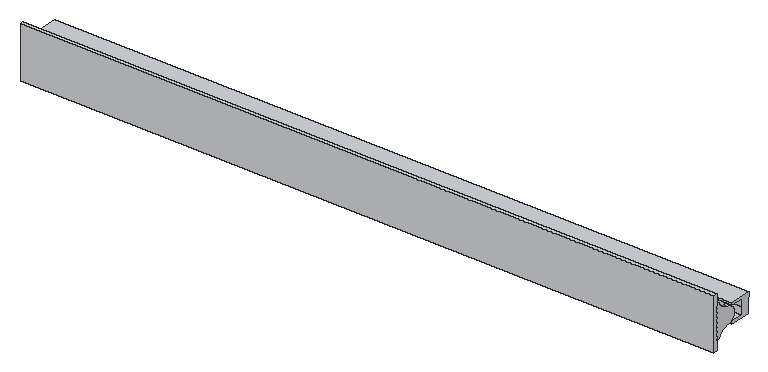
Revit family
Parameters (values of type "1500mm")
  Wattage = 0.67321 W
  built-in parameter 1150110 = 1 (stored number, unit not read)
  built-in parameter 1114217 = 1 (stored number, unit not read)
  built-in parameter 1150109 = 1 (stored number, unit not read)
  built-in parameter 1150134 = 3
  built-in parameter 1150113 = 1 (stored number, unit not read)
  Material = none
  Manufacturer = "Revit"
  built-in parameter 1150105 = 7.9577 (stored number, unit not read)
  Lumens = 100 lm
  built-in parameter 1150115 = 1 (stored number, unit not read)
  Light Source Symbol Size = 609.6 mm
  built-in parameter 1150137 = (empty or 0)
  built-in parameter 1150139 = (empty or 0)
  Length = 1500 mm
  built-in parameter 1150112 = 1 (stored number, unit not read)
  built-in parameter 1150114 = 1 (stored number, unit not read)
  Keynote = "V"
  built-in parameter 1150132 = 2
  built-in parameter 1150102 = (empty or 0)
  built-in parameter 1150107 = 3200 (stored number, unit not read)
  built-in parameter 1150138 = (empty or 0)
  built-in parameter 1150106 = 0.079577 (stored number, unit not read)
  Emit from Line Length = 609.6 mm
  built-in parameter 1150104 = 13.8 (stored number, unit not read)
  Dimming Lamp Color Temperature Shift = (empty or 0)
  Color Filter = 16777215
  built-in parameter 1114218 = 1 (stored number, unit not read)
  built-in parameter 1150133 = 10 (stored number, unit not read)
Types (3, lengths in mm): name | Length
  (no name) | 1500
  1500mm | 1500
  2000mm | 2000
Reference planes
  plane 1 "Light Source Axis (F/B)": y = 0
  plane 2: z = 0
  plane 3 "Light Source Axis (L/R)": x = 0
  plane 4 "Light Source Elevation": z = 1371.6
  plane 5: x = -750
  plane 6: x = 750
Forms (mm)
  Extrusion 1, solid, material <- "Material"
    sketch origin (750, 0, 0) x (0, 0, -1) y (0, -1, 0)
      loop
        line (-1350.894, -57) -> (-1350.894, -12) -> (-1355.894, -12) -> (-1355.894, -39.488) -> (-1371.6, -39.488) -> (-1387.306, -39.488) -> (-1387.306, -12) -> (-1392.306, -12) -> (-1392.306, -57) -> (-1371.6, -57) -> (-1350.894, -57)
    from 0 to 1500
  Extrusion 2, solid, material <- "Material"
    sketch origin (750, 0, 0) x (0, 0, -1) y (0, -1, 0)
      loop
        line (-1426.6, 28) -> (-1316.6, 28) -> (-1316.6, 36) -> (-1426.6, 36) -> (-1426.6, 28)
    from 0 to 1500
  Extrusion 3, solid, material <- "Material"
    sketch origin (750, 0, 0) x (0, 0, -1) y (0, -1, 0)
      loop
        line (-1406.6, 28) -> (-1406.6, 23) -> (-1402.27, 20.5)
        arc (-1402.27, 20.5) -> (-1393.472, 11.842) -> (-1389.991, 0) r 24.584
        arc (-1389.991, 0) -> (-1384.407, -12.671) -> (-1371.6, -17.935) r 18.53
        arc (-1371.6, -17.935) -> (-1358.793, -12.671) -> (-1353.209, 0) r 18.53
        arc (-1353.209, 0) -> (-1349.728, 11.842) -> (-1340.93, 20.5) r 24.584
        line (-1340.93, 20.5) -> (-1336.6, 23) -> (-1336.6, 28) -> (-1371.6, 28) -> (-1406.6, 28)
    from 0 to 8
  Extrusion 4, solid, material <- "Material"
    sketch origin (-985, 0, 0) x (0, 0, -1) y (0, 1, 0)
      loop
        line (-1406.6, -28) -> (-1371.6, -28) -> (-1336.6, -28) -> (-1336.6, -23) -> (-1340.93, -20.5)
        arc (-1340.93, -20.5) -> (-1349.728, -11.842) -> (-1353.209, 0) r 24.584
        arc (-1353.209, 0) -> (-1358.793, 12.671) -> (-1371.6, 17.935) r 18.53
        arc (-1371.6, 17.935) -> (-1384.407, 12.671) -> (-1389.991, 0) r 18.53
        arc (-1389.991, 0) -> (-1393.472, -11.842) -> (-1402.27, -20.5) r 24.584
        line (-1402.27, -20.5) -> (-1406.6, -23) -> (-1406.6, -28)
    from 235 to 243
Dimensions and locks
  "Length": plane 5 to plane 6
  equal spacing: plane 5, plane 3 "Light Source Axis (L/R)", plane 6
  plane 1 "Light Source Axis (F/B)" to Extrusion 1 sketch curve = 12 mm
  Extrusion 1 sketch curve to Extrusion 1 sketch curve to plane 4 "Light Source Elevation" to Extrusion 1 sketch curve to Extrusion 1 sketch curve = 5 mm locked, 15.706 mm locked, 15.706 mm locked, 5 mm locked
  locked: Extrusion 1 sketch curve to Extrusion 1 sketch curve at 45
  locked: Extrusion 4 to Extrusion 4 at 8
  aligned and locked: plane 5 to Extrusion 1
  aligned and locked: Extrusion 1 to plane 6
  aligned and locked: Extrusion 1 sketch curve to Extrusion 1 sketch curve
  aligned and locked: plane 5 to Extrusion 2
  aligned and locked: Extrusion 2 to plane 6
  aligned and locked: Extrusion 3 to plane 6
  aligned and locked: plane 5 to Extrusion 4
  aligned and locked: plane 3 "Light Source Axis (L/R)" to imposter light
  aligned and locked: plane 1 "Light Source Axis (F/B)" to imposter light
  aligned and locked: plane 4 "Light Source Elevation" to imposter light
Automatic sketch dimensions
  Extrusion 1 sketch curve to plane 4 "Light Source Elevation" = 0 mm  (x2)
  Extrusion 1 sketch curve to Extrusion 1 sketch curve = 17.512 mm
  Extrusion 2 sketch curve to plane 4 "Light Source Elevation" = 55 mm
  plane 4 "Light Source Elevation" to Extrusion 2 sketch curve = 55 mm
  plane 1 "Light Source Axis (F/B)" to Extrusion 2 sketch curve = 28 mm
  Extrusion 2 sketch curve to Extrusion 2 sketch curve = 8 mm
  Extrusion 3 sketch curve to plane 1 "Light Source Axis (F/B)" = 0 mm  (x4)
  Extrusion 3 sketch curve to plane 4 "Light Source Elevation" = 0 mm  (x2)
  Extrusion 3 sketch curve to plane 4 "Light Source Elevation" = 18.391 mm
  plane 1 "Light Source Axis (F/B)" to Extrusion 3 sketch curve = 20.5 mm  (x2)
  Extrusion 3 sketch curve to Extrusion 3 sketch curve = 12.279 mm  (x2)
  Extrusion 3 sketch curve to Extrusion 3 sketch curve = 4.33 mm  (x2)
  Extrusion 3 sketch curve to plane 1 "Light Source Axis (F/B)" = 0.79 mm
  plane 1 "Light Source Axis (F/B)" to Extrusion 3 sketch curve = 0.595 mm
  Extrusion 3 sketch curve to Extrusion 3 sketch curve = 2.5 mm  (x2)
  Extrusion 3 sketch curve to Extrusion 3 sketch curve = 5 mm
  Extrusion 3 sketch curve to Extrusion 3 sketch curve = 0.26 mm
  Extrusion 3 sketch curve to Extrusion 3 sketch curve = 18.261 mm
  Extrusion 4 sketch curve to plane 1 "Light Source Axis (F/B)" = 0 mm  (x4)
  Extrusion 4 sketch curve to plane 4 "Light Source Elevation" = 0 mm  (x2)
  plane 1 "Light Source Axis (F/B)" to Extrusion 4 sketch curve = 0.595 mm
  Extrusion 4 sketch curve to plane 4 "Light Source Elevation" = 0.13 mm
  Extrusion 4 sketch curve to Extrusion 4 sketch curve = 18.261 mm
  plane 1 "Light Source Axis (F/B)" to Extrusion 4 sketch curve = 20.5 mm  (x2)
  Extrusion 4 sketch curve to Extrusion 4 sketch curve = 12.279 mm  (x2)
  Extrusion 4 sketch curve to Extrusion 4 sketch curve = 4.33 mm  (x2)
  Extrusion 4 sketch curve to plane 1 "Light Source Axis (F/B)" = 0.79 mm
  Extrusion 4 sketch curve to Extrusion 4 sketch curve = 0.26 mm
  Extrusion 4 sketch curve to Extrusion 4 sketch curve = 2.5 mm  (x2)
  Extrusion 4 sketch curve to Extrusion 4 sketch curve = 27.405 mm
